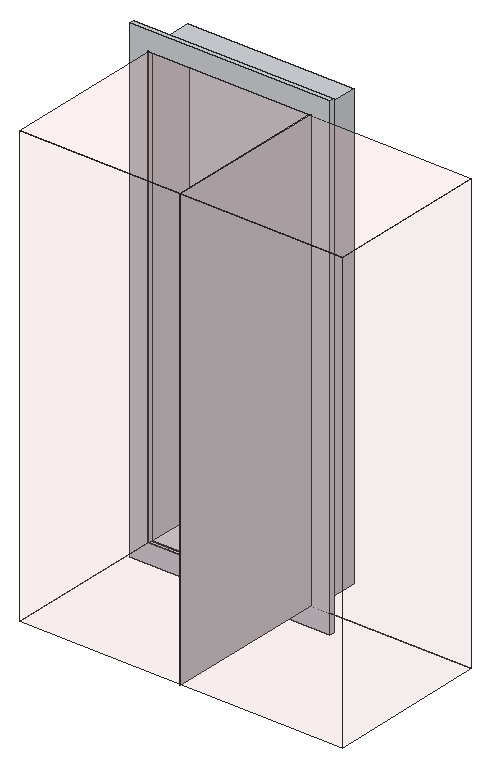
Revit family "Hager-VOLTA-Hollow_wall-IP30-With_Cover-With_DIN-NoHosted-PL-en", category Electrical Equipment, Revit 2023
Family settings
  Panel Configuration = Two Columns, Circuits Across
  Round Connector Dimension = Use Diameter
  Part Type = Panelboard
  Work Plane-Based = Yes
  Always vertical = Yes
  Cut with Voids When Loaded = No
  Maintain Annotation Orientation = No
  Shared = No
  Room Calculation Point = No
Parameters (values of type "VOLTA-Hollow_wall_W348_H880_D98_0_Modular_Spacing-VH60NWP")
  Width Control [instance] = if([HG000006-Flush mounted], if([EF000846 - Built-in width] > min_whd, [EF000846 - Built-in width], min_whd), if([EF000008 - Width] > min_whd, ([EF000008 - Width]), min_whd))  # 314.5 mm
  Void Depth [instance] = if([EF000218 - Built-in depth] > 1 mm, [EF000218 - Built-in depth], 1 mm)  # 89 mm
  Uniformat code = "D501001"
  Uniformat = "Low Tension Service & Dist."
  Référence = ""
  HG000131 - Functional label [instance] = ""
  HG000130 - Functional name [instance] = ""
  HG000099-Onfly Template ID = "507532"
  HG000059-Operating voltage [instance] = 230 V
  ETIM class name = "Small distribution board"
  ETIM class code = "EC000214"
  EF015941 - Signal passing door = no
  EF015777 - Neutral terminal block = no
  EF015776 - Earthing terminal block = no
  EF009212 - Cover model = ""
  EF006306 - With lock = no
  EF006244 - Transparent cover/door = no
  EF005474 - Degree of protection (IP) = "IP30"
  EF004462 - Type of closure = ""
  EF002950 - Width in number of modular spacings = 0
  EF001596 - Housing material = ""
  EF001134 - DIN-rail = yes
  EF001131 - Inner depth = 0 mm
  EF001088 - Extension possible = no
  EF001062 - EMC-version = no
  EF000846 - Built-in width = 314.5 mm
  EF000339 - Type of covering = ""
  EF000332 - Built-in height = 845 mm
  EF000266 - Number of rows = 0
  EF000218 - Built-in depth = 89 mm
  EF000118 - With mounting plate = no
  EF000116 - RAL-number = 9010
  EF000049 - Depth = 98 mm
  EF000040 - Height = 880 mm
  EF000008 - Width = 348 mm
  EF000007 - Colour = ""
  EF000003 - Mounting method = "Hollow wall"
  EF004464 - Type of door = ""
  EF000024 - UV resistant = no
  Type Comments = ""
  System Height [instance] = Height Control - 2 * [HG000005-Thickness]  # 841 mm
  Reference description = ""
  Reference = "VOLTA-Hollow_wall_W348_H880_D98_0_Modular_Spacing-VH60NWP"
  Panel Name [instance] = ""  # (empty or 0)
  Offset [instance] = 0 mm
  Object type = ""
  Name hager = "ADD_Enclosures_EC000214"
  Name BIM&CO = "Electricity"
  Name = "VOLTA-Hollow_wall-IP30-With_Cover-With_DIN-PL"
  Model = ""
  Level Offset [instance] = [Flush Mounted - Door Frame Width] + Offset  # 35 mm
  HGEF002950-Width in number of modular spacings = 0
  HGEF000266-Number of rows = 0
  HG000060-RAL-number = "9010"
  HG000017-Distance between poles = 18 mm
  HG000016-Door 3D visibility = yes
  HG000015-Clearance visibility = yes
  HG000014-Door on the right = yes
  HG000013-Door on the left = not([HG000014-Door on the right])  # no
  HG000012-Door swing angle = 90.00°
  HG000011-Empty rows from bottom = no
  HG000010-Asymmetric doors = no
  HG000009-Double swing door = no
  HG000008-Number of empty rows = 0
  HG000007-Number of empty columns = 0
  HG000006-Flush mounted = yes
  HG000005-Thickness = 2 mm
  HG000004-Manufacturer reference = "VH60NWP"
  HG000003-Range = "VOLTA"
  HG000002-With door or cover = yes
  HG000001-Number of columns = 0
  GTIN (Global Trade Item Number) = ""
  Description = ""
  Default Elevation = 1200 mm
  Creation Date = "12/15/2025 21:47:12"
  Code hager = "ADD-EC000214_EU"
  Code Uniformat = ""
  BIM&CO code = ""
  BC_VARIANT_ID = "1174424"
  BC_OBJECT_VERSION = "#5"  # constant formula
  BC_OBJECT_ID = "513499"  # constant formula
  BC_MODEL_ID = "1547220"  # constant formula
  BC_METADATA = "{\"ObjectGuid\":\"bc35c96e-cb38-443e-833d-0616858cb9ac\",\"ModelGuid\":\"8af03f69-2293-4735-a617-cc53adf55621\",\"VariantGuid\":\"8b6e323b-1b53-409a-a940-11b5a7fc5337\",\"Revision\":\"#4\",\"VariantName\":\"Template-Enclosure_EU-EC000214\"}"
  Arrow Offset [instance] = Depth Control / 8  # 11.125 mm
  Arrow Height [instance] = Depth Control - Arrow Offset  # 77.875 mm
  Host Offset [instance] = if([HG000006-Flush mounted], 0 mm, [EF000049 - Depth])  # 0 mm
  min_whd [instance] = (2 * [HG000005-Thickness]) + 1 mm  # 5 mm
  Manufacturer = "Hager"  # constant formula
  Height Control [instance] = if([HG000006-Flush mounted], if([EF000332 - Built-in height] > min_whd, [EF000332 - Built-in height], min_whd), if([EF000040 - Height] > min_whd, ([EF000040 - Height]), min_whd))  # 845 mm
  Flush Mounted - Door Frame Width [instance] = if(([EF000040 - Height] - [EF000332 - Built-in height]) > 0 mm, if([HG000006-Flush mounted], [EF000040 - Height] - [EF000332 - Built-in height], 0 mm), 0 mm)  # 35 mm
  Depth Control [instance] = if([HG000006-Flush mounted], if([EF000218 - Built-in depth] > 0 mm, [EF000218 - Built-in depth], 1 mm), if([EF000049 - Depth] > 0 mm, ([EF000049 - Depth]), 1 mm))  # 89 mm
Types (14, lengths in mm): name | Width Control | Void Depth | EF015777 - Neutral terminal block | EF015776 - Earthing terminal block | EF009212 - Cover model | EF004462 - Type of closure | EF002950 - Width in number of modular spacings | EF001088 - Extension possible | EF000846 - Built-in width | EF000332 - Built-in height | EF000266 - Number of rows | EF000218 - Built-in depth | EF000118 - With mounting plate | EF000049 - Depth | EF000040 - Height | EF000007 - Colour | System Height | Reference | Level Offset | HGEF002950-Width in number of modular spacings | HGEF000266-Number of rows | HG000004-Manufacturer reference | HG000001-Number of columns | BC_VARIANT_ID | Arrow Offset | Arrow Height | Height Control | Flush Mounted - Door Frame Width | Depth Control
  VOLTA-Hollow_wall_W348_H356_D98_12_Modular_Spacing-VH12AT | 314.5 | 89 | yes | yes | "With notch" | "Other" | 12 | yes | 314.5 | 321 | 1 | 89 | no | 98 | 356 | "White" | 317 | "VOLTA-Hollow_wall_W348_H356_D98_12_Modular_Spacing-VH12AT" | 35 | 12 | 1 | "VH12AT" | 1 | "1174410" | 11.125 | 77.875 | 321 | 35 | 89
  VOLTA-Hollow_wall_W348_H356_D98_12_Modular_Spacing-VH12NE | 314.5 | 89 | no | yes | "With notch" | "Other" | 12 | yes | 314.5 | 321 | 1 | 89 | no | 98 | 356 | "White" | 317 | "VOLTA-Hollow_wall_W348_H356_D98_12_Modular_Spacing-VH12NE" | 35 | 12 | 1 | "VH12NE" | 1 | "1174412" | 11.125 | 77.875 | 321 | 35 | 89
  VOLTA-Hollow_wall_W348_H505_D98_12_Modular_Spacing-VH24AT | 314.5 | 89 | yes | yes | "With notch" | "Other" | 12 | yes | 314.5 | 470 | 2 | 89 | no | 98 | 505 | "White" | 466 | "VOLTA-Hollow_wall_W348_H505_D98_12_Modular_Spacing-VH24AT" | 35 | 12 | 2 | "VH24AT" | 1 | "1174413" | 11.125 | 77.875 | 470 | 35 | 89
  VOLTA-Hollow_wall_W348_H505_D98_12_Modular_Spacing-VH24NE | 314.5 | 89 | no | yes | "With notch" | "Other" | 12 | yes | 314.5 | 470 | 2 | 89 | no | 98 | 505 | "White" | 466 | "VOLTA-Hollow_wall_W348_H505_D98_12_Modular_Spacing-VH24NE" | 35 | 12 | 2 | "VH24NE" | 1 | "1174414" | 11.125 | 77.875 | 470 | 35 | 89
  VOLTA-Hollow_wall_W348_H505_D98_12_Modular_Spacing-VH24NWB | 314.5 | 89 | no | no | "With notch" | "Other" | 12 | yes | 314.5 | 470 | 0 | 89 | yes | 98 | 505 | "White" | 466 | "VOLTA-Hollow_wall_W348_H505_D98_12_Modular_Spacing-VH24NWB" | 35 | 12 | 0 | "VH24NWB" | 0 | "1174415" | 11.125 | 77.875 | 470 | 35 | 89
  VOLTA-Hollow_wall_W348_H630_D98_12_Modular_Spacing-VH36AT | 314.5 | 89 | yes | yes | "With notch" | "Other" | 12 | yes | 314.5 | 595 | 3 | 89 | no | 98 | 630 | "White" | 591 | "VOLTA-Hollow_wall_W348_H630_D98_12_Modular_Spacing-VH36AT" | 35 | 12 | 3 | "VH36AT" | 1 | "1174416" | 11.125 | 77.875 | 595 | 35 | 89
  VOLTA-Hollow_wall_W348_H630_D98_12_Modular_Spacing-VH36NE | 314.5 | 89 | no | yes | "With notch" | "Other" | 12 | yes | 314.5 | 595 | 3 | 89 | no | 98 | 630 | "White" | 591 | "VOLTA-Hollow_wall_W348_H630_D98_12_Modular_Spacing-VH36NE" | 35 | 12 | 3 | "VH36NE" | 1 | "1174417" | 11.125 | 77.875 | 595 | 35 | 89
  VOLTA-Hollow_wall_W348_H630_D98_12_Modular_Spacing-VH36NWB | 314.5 | 89 | no | no | "With notch" | "Other" | 12 | yes | 314.5 | 595 | 0 | 89 | yes | 98 | 630 | "White" | 591 | "VOLTA-Hollow_wall_W348_H630_D98_12_Modular_Spacing-VH36NWB" | 35 | 12 | 0 | "VH36NWB" | 0 | "1174418" | 11.125 | 77.875 | 595 | 35 | 89
  VOLTA-Hollow_wall_W348_H755_D98_12_Modular_Spacing-VH48AT | 314.5 | 89 | yes | yes | "With notch" | "Other" | 12 | yes | 314.5 | 720 | 4 | 89 | no | 98 | 755 | "White" | 716 | "VOLTA-Hollow_wall_W348_H755_D98_12_Modular_Spacing-VH48AT" | 35 | 12 | 4 | "VH48AT" | 1 | "1174419" | 11.125 | 77.875 | 720 | 35 | 89
  VOLTA-Hollow_wall_W348_H755_D98_12_Modular_Spacing-VH48NE | 314.5 | 89 | no | yes | "With notch" | "Other" | 12 | yes | 314.5 | 720 | 4 | 89 | no | 98 | 755 | "White" | 716 | "VOLTA-Hollow_wall_W348_H755_D98_12_Modular_Spacing-VH48NE" | 35 | 12 | 4 | "VH48NE" | 1 | "1174420" | 11.125 | 77.875 | 720 | 35 | 89
  VOLTA-Hollow_wall_W348_H755_D98_12_Modular_Spacing-VH48NWB | 314.5 | 89 | no | no | "With notch" | "Other" | 12 | yes | 314.5 | 720 | 0 | 89 | yes | 98 | 755 | "White" | 716 | "VOLTA-Hollow_wall_W348_H755_D98_12_Modular_Spacing-VH48NWB" | 35 | 12 | 0 | "VH48NWB" | 0 | "1174421" | 11.125 | 77.875 | 720 | 35 | 89
  VOLTA-Hollow_wall_W348_H880_D98_12_Modular_Spacing-VH60NC | 314.5 | 89 | no | no | "" | "" | 12 | no | 314.5 | 846 | 5 | 89 | no | 98 | 880 | "" | 842 | "VOLTA-Hollow_wall_W348_H880_D98_12_Modular_Spacing-VH60NC" | 34 | 12 | 5 | "VH60NC" | 1 | "1174422" | 11.125 | 77.875 | 846 | 34 | 89
  VOLTA-Hollow_wall_W348_H880_D94_12_Modular_Spacing-VH60NE | 314 | 90 | no | yes | "With notch" | "Other" | 12 | yes | 314 | 846 | 5 | 90 | no | 94 | 880 | "White" | 842 | "VOLTA-Hollow_wall_W348_H880_D94_12_Modular_Spacing-VH60NE" | 34 | 12 | 5 | "VH60NE" | 1 | "1174423" | 11.25 | 78.75 | 846 | 34 | 90
  VOLTA-Hollow_wall_W348_H880_D98_0_Modular_Spacing-VH60NWP | 314.5 | 89 | no | no | "" | "" | 0 | no | 314.5 | 845 | 0 | 89 | no | 98 | 880 | "" | 841 | "VOLTA-Hollow_wall_W348_H880_D98_0_Modular_Spacing-VH60NWP" | 35 | 0 | 0 | "VH60NWP" | 0 | "1174424" | 11.125 | 77.875 | 845 | 35 | 89
Reference planes
  plane 1 "Center (Front/Back)": y = 0
  plane 2: z = 0
  plane 3 "Center (Left/Right)": x = 0
  plane 4: y = 37
  plane 5: y = 89
  plane 6: y = 35
  plane 7: z = 0
  plane 8: x = -157.25
  plane 9: x = 157.25
  plane 10: x = 155.25
  plane 11: x = -155.25
  plane 12: z = 35
  plane 13: z = 37
  plane 14: y = 5
  plane 15: y = 0
  plane 16: y = 87
  plane 17: z = 878
  plane 18: z = 880
  plane 19: z = 457.5
  plane 20: x = 0
  plane 21: y = -100
  plane 22 "Annotation H": y = -300
  plane 23 "Annotation V": x = 357.25
Forms (mm)
  Extrusion 1, solid
    sketch origin (-208.679, -4572, 35) x (-1, 0, 0) y (0, -1, 0)
      loop
        line (-51.429, -4572) -> (-365.929, -4572) -> (-365.929, -4661) -> (-51.429, -4661) -> (-51.429, -4572)
    from 0 to 845 <- "Height Control"
  Extrusion 2, void
    sketch origin (-350.771, 0, 1219.2) x (1, 0, 0) y (0, 0, 1)
      loop
        line (195.521, -341.2) -> (195.521, -1182.2) -> (506.021, -1182.2) -> (506.021, -341.2) -> (195.521, -341.2)
    from 0 to -87
  Extrusion 3, solid, detail levels coarse+medium
    sketch origin (-350.771, 0, 1219.2) x (-1, 0, 0) y (0, 0, 1)
      loop
        line (-195.521, -341.2) -> (-506.021, -341.2) -> (-506.021, -1182.2) -> (-195.521, -1182.2) -> (-195.521, -341.2)
    from 0 to 2 <- "HG000005-Thickness"
Cuts and joins
  Extrusion 2 cuts Extrusion 1
Dimensions and locks
  "Flush Mounted - Door Frame Width": plane 1 "Center (Front/Back)" to plane 6
  "HG000005-Thickness": plane 4 to plane 6
  "HG000005-Thickness": plane 8 to plane 11
  "HG000005-Thickness": plane 9 to plane 10
  equal spacing: plane 8, plane 3 "Center (Left/Right)", plane 9
  "Width Control": plane 8 to plane 9
  locked: plane 14 to plane 15 at 5
  "Host Offset": plane 1 "Center (Front/Back)" to plane 15
  "Depth Control": plane 5 to plane 15
  "HG000005-Thickness": plane 5 to plane 16
  "HG000005-Thickness": plane 13 to plane 12
  "Level Offset": plane 12 to level
  "HG000005-Thickness": plane 18 to plane 17
  "Height Control": plane 18 to plane 12
  "Arrow Offset": plane 5 to nested 4
  equal spacing: plane 18, plane 19, plane 12
  locked: connector elem to plane 19
  locked: connector elem to plane 3 "Center (Left/Right)"
  Extrusion 2 sketch curve to Extrusion 2 sketch curve to plane 9 = 310.5 mm, 2 mm
  locked: plane 9 to plane 23 "Annotation V" at 200
  locked: plane 22 "Annotation H" to plane 1 "Center (Front/Back)" at 300
  aligned and locked: nested 1 to plane 14
  aligned and locked: plane 3 "Center (Left/Right)" to nested 1
  aligned and locked: plane 3 "Center (Left/Right)" to nested 2
  aligned and locked: nested 2 to plane 15
  aligned and locked: plane 5 to Extrusion 1
  aligned and locked: Extrusion 3 sketch curve to plane 17
  aligned and locked: Extrusion 3 sketch curve to plane 11
  aligned and locked: plane 13 to Extrusion 3 sketch curve
  aligned and locked: Extrusion 3 sketch curve to plane 10
  aligned and locked: plane 13 to Extrusion 2 sketch curve
  aligned and locked: Extrusion 2 sketch curve to plane 17
  aligned and locked: plane 16 to Extrusion 2
  aligned and locked: plane 5 to Extrusion 1 sketch curve
  aligned and locked: plane 9 to Extrusion 1 sketch curve
  aligned and locked: plane 8 to Extrusion 1 sketch curve
  aligned and locked: plane 8 to nested 4
  aligned and locked: plane 8 to nested 3
  aligned and locked: nested 3 to plane 5
  aligned and locked: Extrusion 1 sketch curve to plane 15
  aligned and locked: Extrusion 2 to plane 15
  aligned and locked: nested 5 to plane 22 "Annotation H"
  aligned and locked: plane 23 "Annotation V" to nested 5
  aligned and locked: plane 11 to Extrusion 2
  aligned and locked: plane 10 to Extrusion 2
Nested families
  nested 1: "Hager_Enclosure_System" at (0, 5, 37), Flush_Mounted <- "HG000006-Flush mounted", Height <- "System Height", Width_Control <- "Width Control", Row_Module_Multiplicator <- "HGEF002950-Width in number of modular spacings", Empty_Columns <- "HG000007-Number of empty columns", Border <- "HG000005-Thickness", Total_No_Empty_Rows <- "HG000008-Number of empty rows", Depth <- "HG000005-Thickness", Empty_Rows_From_Bottom <- "HG000011-Empty rows from bottom", Distance_Between_Poles <- "HG000017-Distance between poles", Rows_Count <- "HGEF000266-Number of rows", Columns_Count <- "HG000001-Number of columns", Built-in_Width <- "EF000846 - Built-in width", Width <- "EF000008 - Width", type "Hager_Enclosure_System", detail levels medium+fine
    with Width_Control 314.5 mm, Width 348 mm, Total_No_Rows 0, Total_No_Empty_Rows 0, Total_No_Columns 1, System_Width 310.5 mm, Rows_Count 0, Rows_Column 0, Row_Module_Multiplicator 0, Panel_4 no, Panel_3 no, Panel_2 no, Panel_1 no, No_Panels_Ctrl 1, Hide_Columns yes, Height 841 mm, Flush_Mounted yes, Empty_Rows_From_Bottom no, Empty_Rows_Column 0, Empty_Columns 0, Empty column 4 0, Empty column 3 0, Empty column 2 0, Empty column 1 0, Distance_Between_Poles 18 mm, Depth 2 mm, Columns_Count 0, Column_Width 310.5 mm, Built-in_Width 314.5 mm, Border 2 mm
  nested 2: "Hager_Enclosure_Door" at (0, 0, 35), Double <- "HG000009-Double swing door", Height_Ctrl <- "Height Control", Angle <- "HG000012-Door swing angle", Door_Right <- "HG000014-Door on the right", Assymetrical <- "HG000010-Asymmetric doors", Flush_Mounted <- "HG000006-Flush mounted", Door <- "HG000002-With door or cover", Width_Ctrl <- "Width Control", 3d_Door <- "HG000016-Door 3D visibility", Border <- "HG000005-Thickness", Clearance <- "HG000015-Clearance visibility", Door_Left <- "HG000013-Door on the left", BuiltIn_Depth <- "EF000218 - Built-in depth", Depth <- "EF000049 - Depth", BuiltIn_Width <- "EF000846 - Built-in width", Height <- "EF000040 - Height", BuiltIn_Height <- "EF000332 - Built-in height", Width <- "EF000008 - Width", Transparent <- "EF006244 - Transparent cover/door", type "Hager_Enclosure_Door", detail levels medium+fine
    with min_wh 5 mm, Width_Ctrl 314.5 mm, Width 348 mm, Transparent_Door_No_Bottom_Border no, Transparent no, Leaf_Width 307.5 mm, Leaf_Tolerance 1.5 mm, Leaf_Height 838 mm, Leaf_2_Width 307.5 mm, Leaf_2_Offset 153.75 mm, Leaf_1_Width 307.5 mm, Leaf_1_Offset 153.75 mm, Height_Ctrl 845 mm, Height 880 mm, Frame_Width_Ctrl 33.5 mm, Frame_Width 33.5 mm, Frame_Internal_Offset 2 mm, Frame_Height_Ctrl 35 mm, Frame_Height 35 mm, Frame_Depth_Ctrl 9 mm, Frame_Depth 9 mm, Flush_Mounted yes, Double_Clearance_Ctrl no, Double no, Door_Right_Ctrl yes, Door_Right yes, Door_Left_Ctrl no, Door_Left no, Door yes, Depth 98 mm, Clearance_Depth 307.5 mm, Clearance_Ctrl yes, Clearance yes, BuiltIn_Width 314.5 mm, BuiltIn_Height 845 mm, BuiltIn_Depth 89 mm, Border 2 mm, Assymetrical no, Angle 90.00°, 3d_Door yes
  nested 3: "Hager_Enclosure_Symbol_Triangle" at (-157.25, 89, 0), Depth <- "Depth Control", Width <- "Width Control", type "Hager_Enclosure_Symbol_Triangle"
    with Width_Ctrl 314.5 mm, Width 314.5 mm, Depth_Ctrl 89 mm, Depth 89 mm
  nested 4: "Hager_Enclosure_Symbol_Arrow" at (-157.25, 77.875, 0), Height <- "Arrow Height", type "Hager_Enclosure_Symbol_Arrow"
    with Width_Inside 5.841 mm, Width 70.087 mm, Height_Ctrl 77.875 mm, Height 77.875 mm
  nested 5: "Hager_Annotation-HG000130" at (357.25, -300, 0), HG000130 - Functional name <- "HG000130 - Functional name", type "Hager_Annotation-HG000130"
    with HG000130 - Functional name ""
Connectors
  electrical at (0, 89, 457.5), driven by "HG000059-Operating voltage"
    settings: on plane 5, index 1, voltage 230 V, apparent load 0 VA, apparent load phase1 0 VA, apparent load phase2 0 VA, apparent load phase3 0 VA, power factor 1, load classification "Other", number of poles 1, system type 30, power factor state 1, is connector primary yes, connector utility no, sub classification motor no, connector description ""
Definition of nested family "Hager_Enclosure_Door"
  Parameters (values of type "Hager_Enclosure_Door")
    min_wh [instance] = (2 * Border) + 1 mm  # 11 mm
    Width_Ctrl [instance] = 400 mm
    Width [instance] = 500 mm
    Transparent_Door_No_Bottom_Border [instance] = no
    Transparent [instance] = yes
    Leaf_Width [instance] = if((Width_Ctrl - 2 * Border - 2 * Leaf_Tolerance) > 0 mm, (Width_Ctrl - 2 * Border - 2 * Leaf_Tolerance), min_wh)  # 387 mm
    Leaf_Tolerance [instance] = 1.5 mm  # constant formula
    Leaf_Height [instance] = if((Height_Ctrl - 2 * Border - 2 * Leaf_Tolerance) > 0 mm, (Height_Ctrl - 2 * Border - 2 * Leaf_Tolerance), min_wh)  # 387 mm
    Leaf_2_Width [instance] = if(and(and(Double, Assymetrical), Door_Left), (Leaf_Width / 3) - (Leaf_Tolerance / 2), if(and(and(Double, Assymetrical), Door_Right), (Leaf_Width / 3) * 2 - (Leaf_Tolerance / 2), if(and(Double, not(Assymetrical)), (Leaf_Width / 2) - Leaf_Tolerance, Leaf_Width)))  # 387 mm
    Leaf_2_Offset [instance] = if(and(Double, Assymetrical), Leaf_2_Width / 2, if(and(Double, not(Assymetrical)), Leaf_Width / 4, Leaf_Width / 2))  # 193.5 mm
    Leaf_1_Width [instance] = if(and(and(Double, Assymetrical), Door_Right), (Leaf_Width / 3) - (Leaf_Tolerance / 2), if(and(and(Double, Assymetrical), Door_Left), (Width / 3) * 2 - (Leaf_Tolerance / 2), if(and(Double, not(Assymetrical)), (Leaf_Width / 2) - Leaf_Tolerance, Leaf_Width)))  # 387 mm
    Leaf_1_Offset [instance] = if(and(Double, Assymetrical), Leaf_1_Width / 2, if(and(Double, not(Assymetrical)), Leaf_Width / 4, Leaf_Width / 2))  # 193.5 mm
    Height_Ctrl [instance] = 400 mm
    Height [instance] = 500 mm
    Frame_Width_Ctrl [instance] = if(Frame_Width > 0 mm, Frame_Width, 1 mm)  # 1 mm
    Frame_Width [instance] = Width - BuiltIn_Width  # 0 mm
    Frame_Internal_Offset [instance] = if(Flush_Mounted, Border, 0 mm)  # 5 mm
    Frame_Height_Ctrl [instance] = if(Frame_Height > 0 mm, Frame_Height, 1 mm)  # 1 mm
    Frame_Height [instance] = Height - BuiltIn_Height  # 0 mm
    Frame_Depth_Ctrl [instance] = if(Frame_Depth > 0 mm, Frame_Depth, 1 mm)  # 1 mm
    Frame_Depth [instance] = if(Depth - BuiltIn_Depth > 0 mm, if(Flush_Mounted, Depth - BuiltIn_Depth, 0 mm), 0 mm)  # 0 mm
    Flush_Mounted [instance] = yes
    Double_Clearance_Ctrl [instance] = and(Double, Clearance)  # no
    Double [instance] = no
    Door_Right_Ctrl [instance] = and(or(Door_Right, Double), Door)  # yes
    Door_Right [instance] = yes
    Door_Left_Ctrl [instance] = and(or(Door_Left, Double), Door)  # no
    Door_Left [instance] = no
    Door [instance] = yes
    Depth [instance] = 500 mm
    Default Elevation = 1219.2 mm
    Clearance_Material = none
    Clearance_Depth [instance] = if(Leaf_1_Width > Leaf_2_Width, Leaf_1_Width, Leaf_2_Width)  # 387 mm
    Clearance_Ctrl [instance] = and(not(Double), Clearance)  # yes
    Clearance [instance] = yes
    BuiltIn_Width [instance] = 500 mm
    BuiltIn_Height [instance] = 500 mm
    BuiltIn_Depth [instance] = 500 mm
    Border [instance] = 5 mm
    Assymetrical [instance] = yes
    Angle [instance] = 30.00°
    3d_Door [instance] = yes
  Reference planes
    plane 1 "Center (Front/Back)": y = 0
    plane 2 "Bottom": z = 0
    plane 3 "Center (Left/Right)": x = 0
    plane 4: z = 400
    plane 5: x = -200
    plane 6: x = 200
    plane 7: z = 395
    plane 8: x = -195
    plane 9: z = 5
    plane 10: x = 195
    plane 11: y = 0
    plane 12: z = 6.5
    plane 13: x = -582
    plane 14: y = -387
    plane 15: x = 582
    plane 16: x = 0
    plane 17: x = 0
    plane 18: x = -193.5
    plane 19: x = 193.5
    plane 20: z = 393.5
  Forms (mm)
    Extrusion 1, solid, visible <- "Flush_Mounted"
      sketch origin (0, 0, 0) x (1, 0, 0) y (0, 0, 1)
        loop
          line (195, 5) -> (195, 395) -> (-195, 395) -> (-195, 5) -> (195, 5)
        loop
          line (-201, 401) -> (-201, -1) -> (201, -1) -> (201, 401) -> (-201, 401)
      from 0 to 1 <- "Frame_Depth_Ctrl"
    Extrusion 2, solid, material <- "Clearance_Material", visible <- "Double_Clearance_Ctrl"
      sketch origin (1200, 0, 0) x (1, 0, 0) y (0, 0, -1)
        loop
          line (-1782, -393.5) -> (-618, -393.5) -> (-618, 0) -> (-1782, 0) -> (-1782, -393.5)
      from 0 to -387
  Dimensions and locks
    equal spacing: plane 5, plane 3 "Center (Left/Right)", plane 6
    "Width_Ctrl": plane 5 to plane 6
    "Border": plane 5 to plane 8
    "Border": plane 6 to plane 10
    "Border": plane 9 to level
    "Border": plane 4 to plane 7
    "Height_Ctrl": plane 4 to level
    "Leaf_Tolerance": plane 12 to plane 9
    "Frame_Depth": plane 11 to plane 1 "Center (Front/Back)"
    "Frame_Width_Ctrl": plane 5 to Extrusion 1 sketch curve
    "Frame_Width_Ctrl": plane 6 to Extrusion 1 sketch curve
    "Frame_Width_Ctrl": Extrusion 1 sketch curve to plane 4
    "Frame_Width_Ctrl": plane 2 "Bottom" to Extrusion 1 sketch curve
    "Leaf_1_Offset": plane 18 to plane 16
    "Leaf_2_Offset": plane 17 to plane 19
    "Leaf_1_Width": plane 13 to plane 8
    "Leaf_2_Width": plane 10 to plane 15
    "Clearance_Depth": plane 14 to plane 1 "Center (Front/Back)"
    "Leaf_Tolerance": plane 8 to plane 18
    "Leaf_Tolerance": plane 19 to plane 10
    "Leaf_Tolerance": plane 7 to plane 20
    "Frame_Internal_Offset": plane 5 to Extrusion 1 sketch curve
    "Frame_Internal_Offset": Extrusion 1 sketch curve to plane 2 "Bottom"
    "Frame_Internal_Offset": plane 6 to Extrusion 1 sketch curve
    "Frame_Internal_Offset": plane 4 to Extrusion 1 sketch curve
    aligned and locked: level to plane 2 "Bottom"
    aligned and locked: nested 1 to plane 16
    aligned and locked: nested 2 to plane 17
    aligned and locked: Extrusion 2 to plane 13
    aligned and locked: plane 15 to Extrusion 2
    aligned and locked: Extrusion 2 to plane 14
    aligned and locked: plane 12 to nested 1
    aligned and locked: nested 2 to plane 12
    aligned and locked: Extrusion 2 to plane 11
    aligned and locked: plane 20 to Extrusion 2
    aligned and locked: nested 2 to plane 11
    aligned and locked: nested 1 to plane 11
  Automatic sketch dimensions
    Extrusion 2 sketch curve to level = 0 mm
    plane 5 to Extrusion 2 sketch curve = 382 mm
    plane 6 to Extrusion 2 sketch curve = 382 mm
    Extrusion 2 sketch curve to plane 4 = 6.5 mm
  Nested families
    nested 1: "Hager_Enclosure_Door_Leaf" at (0, 0, 6.5), Width <- "Leaf_1_Width", visible <- "Door_Left_Ctrl", Leaf_Height <- "Leaf_Height", Angle <- "Angle", Depth <- "Border", 3d_Door <- "3d_Door", Transparent <- "Transparent", Clearance Material <- "Clearance_Material", Clearance <- "Clearance_Ctrl", Transparent_Door_No_Bottom_Border <- "Transparent_Door_No_Bottom_Border", type "Hager_Enclosure_Door_Leaf"
      with Width 387 mm, Transparent_Door_No_Bottom_Border no, Transparent_Door_Border_Bottom_Top 25 mm, Transparent_Door_Border 25 mm, Transparent_Ctrl yes, Transparent yes, Standard no, Leaf_Height 387 mm, Glass_Offset 1 mm, Depth 5 mm, Clearance Material none, Clearance yes, Angle_Ctrl 30.00°, Angle 30.00°, 3d_Door yes
    nested 2: "Hager_Enclosure_Door_Leaf" at (0, 0, 6.5) x (-1, 0, 0) z (0, 0, 1), Width <- "Leaf_2_Width", visible <- "Door_Right_Ctrl", Leaf_Height <- "Leaf_Height", Angle <- "Angle", Depth <- "Border", 3d_Door <- "3d_Door", Transparent <- "Transparent", Clearance Material <- "Clearance_Material", Clearance <- "Clearance_Ctrl", Transparent_Door_No_Bottom_Border <- "Transparent_Door_No_Bottom_Border", type "Hager_Enclosure_Door_Leaf"
      with Width 387 mm, Transparent_Door_No_Bottom_Border no, Transparent_Door_Border_Bottom_Top 25 mm, Transparent_Door_Border 25 mm, Transparent_Ctrl yes, Transparent yes, Standard no, Leaf_Height 387 mm, Glass_Offset 1 mm, Depth 5 mm, Clearance Material none, Clearance yes, Angle_Ctrl 30.00°, Angle 30.00°, 3d_Door yes
  Definition of nested family "Hager_Enclosure_Door_Leaf"
    Parameters (values of type "Hager_Enclosure_Door_Leaf")
      Width [instance] = 2000 mm
      Transparent_Door_No_Bottom_Border [instance] = yes
      Transparent_Door_Border_Bottom_Top [instance] = if(Transparent_Door_No_Bottom_Border, 0.1 mm, Transparent_Door_Border)  # 0.1 mm
      Transparent_Door_Border [instance] = if(Transparent_Door_No_Bottom_Border, (Width * 0.12), 25 mm)  # 240 mm
      Transparent_Ctrl [instance] = and(Transparent, [3d_Door])  # yes
      Transparent [instance] = yes
      Standard [instance] = and(not(Transparent), [3d_Door])  # no
      Leaf_Height [instance] = 2720.336 mm
      Glass_Offset [instance] = if((Depth - 10 mm) / 2 > 0 mm, (Depth - 10 mm) / 2, 1 mm)  # 15 mm
      Glass_Material = none
      Depth [instance] = 40 mm
      Default Elevation = 0 mm
      Clearance Material [instance] = none
      Clearance [instance] = yes
      Angle_Ctrl [instance] = if(Angle > 170.00°, 170.00°, Angle)  # 45.00°
      Angle [instance] = 45.00°
      3d_Door [instance] = yes
    Reference planes
      plane 1 "Center (Front/Back)": y = 0
      plane 2: z = 0
      plane 3 "Center (Left/Right)": x = 0
      plane 4: y = 2000
      plane 5: x = -1000
      plane 6: x = 1000
      plane 7: x = -3000
      plane 8: z = 2720.336
      plane 9: z = 0.1
      plane 10: z = 2720.236
      plane 11: x = 760
      plane 12: x = -760
    Forms (mm)
      Extrusion 1, solid, material <- "Clearance Material", visible <- "Clearance"
        sketch origin (0, 0, 0) x (1, 0, 0) y (0, 0, 1)
          loop
            line (-3000, 2720.336) -> (-3000, 0) -> (1000, 0) -> (1000, 2720.336) -> (-3000, 2720.336)
        from 0 to -2000
      Extrusion 2, solid, visible <- "Standard", detail levels medium+fine
        sketch origin (-1000, 0, 0) x (0.707107, 0.707107, 0) y (-0.707107, 0.707107, 0)
          loop
            line (0, -40) -> (2000, -40) -> (2000, 0) -> (0, 0) -> (0, -40)
        from 0 to 2720.336 <- "Leaf_Height"
      Extrusion 3, solid, visible <- "Transparent_Ctrl", detail levels medium+fine
        sketch origin (-1000, 0, 0) x (0.707107, 0.707107, 0) y (-0.707107, 0.707107, 0)
          loop
            line (0, -40) -> (2000, -40) -> (2000, 0) -> (0, 0) -> (0, -40)
        from 0 to 2720.336 <- "Leaf_Height"
      Extrusion 4, void, detail levels medium+fine
        sketch origin (-1000, 0, 0) x (-0.707107, 0.707107, 0) y (0.707107, 0.707107, 0)
          loop
            line (0, 240) -> (0, 1760) -> (-40, 1760) -> (-40, 240) -> (0, 240)
        from -2720.236 to -0.1
      Extrusion 5, solid, material <- "Glass_Material", visible <- "Transparent_Ctrl", detail levels medium+fine
        sketch origin (-1000, 0, 0) x (0.707107, 0.707107, 0) y (-0.707107, 0.707107, 0)
          loop
            line (240, -15) -> (240, -25) -> (1760, -25) -> (1760, -15) -> (240, -15)
        from 0.1 to 2720.236
    Cuts and joins
      Extrusion 4 cuts Extrusion 3
    Lines and regions (mm)
      symbolic lines
        curve 1: line (1000, 0, 0) -> (-3000, 0, 0)
        curve 2: arc (1000, 0, 0) -> (-1000, 2000, 0) -> (-3000, 0, 0) r 2000
        curve 4: line (-1000, 0, 0) -> (414.214, 1414.214, 0)
      reference lines
        curve 3: line (-1000, 0, 0) -> (414.214, 1414.214, 0)
      symbolic lines, detail levels medium+fine
        curve 5: line (414.214, 1414.214, 0) -> (442.498, 1385.929, 0)
        curve 6: line (442.498, 1385.929, 0) -> (-971.716, -28.284, 0)
        curve 7: line (-971.716, -28.284, 0) -> (-1000, 0, 0)
        curve 8: line (-1000, 0, 2720.336) -> (1000, 0, 2720.336)
        curve 9: line (-1000, 0, 0) -> (-1000, 0, 2720.336)
        curve 10: line (1000, 0, 0) -> (-1000, 0, 0)
        curve 11: line (1000, 0, 2720.336) -> (1000, 0, 0)
      symbolic lines, visible <- "Transparent_Ctrl", detail levels medium+fine
        curve 12: line (-760, 0, 2720.236) -> (760, 0, 2720.236)
        curve 13: line (-760, 0, 0.1) -> (-760, 0, 2720.236)
        curve 14: line (760, 0, 0.1) -> (-760, 0, 0.1)
        curve 15: line (760, 0, 2720.236) -> (760, 0, 0.1)
    Dimensions and locks
      "Width": plane 1 "Center (Front/Back)" to plane 4
      equal spacing: plane 5, plane 3 "Center (Left/Right)", plane 6
      "Width": plane 5 to plane 6
      "Width": plane 7 to plane 5
      "Leaf_Height": plane 8 to level
      "Depth": curve 6 to curve 3
      "Width": curve 5 to curve 3
      "Width": curve 3 to curve 3
      "Transparent_Door_Border": Extrusion 4 sketch curve to curve 7
      "Transparent_Door_Border": Extrusion 4 sketch curve to curve 5
      "Transparent_Door_Border_Bottom_Top": plane 8 to plane 10
      "Transparent_Door_Border_Bottom_Top": plane 9 to level
      "Glass_Offset": Extrusion 5 sketch curve to curve 4
      "Glass_Offset": Extrusion 5 sketch curve to curve 6
      "Transparent_Door_Border": Extrusion 5 sketch curve to curve 5
      "Transparent_Door_Border": Extrusion 5 sketch curve to curve 7
      "Transparent_Door_Border": plane 12 to plane 5
      "Transparent_Door_Border": plane 6 to plane 11
      "Angle_Ctrl": angle plane 1 "Center (Front/Back)" to curve 3
      aligned and locked: level to plane 2
      aligned and locked: Extrusion 1 to curve 1
      aligned and locked: plane 6 to Extrusion 1
      aligned and locked: Extrusion 1 to plane 1 "Center (Front/Back)"
      aligned and locked: plane 4 to Extrusion 1
      aligned and locked: plane 8 to Extrusion 1
      aligned and locked: curve 4 to curve 3
      aligned and locked: Extrusion 2 sketch curve to curve 7
      aligned and locked: Extrusion 2 sketch curve to curve 6
      aligned and locked: Extrusion 2 sketch curve to curve 5
      aligned and locked: Extrusion 2 sketch curve to curve 3
      aligned and locked: curve 7 to Extrusion 3 sketch curve
      aligned and locked: Extrusion 3 sketch curve to curve 4
      aligned and locked: Extrusion 3 sketch curve to curve 6
      aligned and locked: Extrusion 3 sketch curve to curve 5
      aligned and locked: curve 4 to Extrusion 4 sketch curve
      aligned and locked: curve 6 to Extrusion 4 sketch curve
      aligned and locked: Extrusion 4 to plane 9
      aligned and locked: Extrusion 4 to plane 10
      aligned and locked: Extrusion 5 to plane 9
      aligned and locked: Extrusion 5 to plane 10
      aligned and locked: curve 8 to plane 8
      aligned and locked: plane 5 to curve 9
      aligned and locked: plane 2 to curve 10
      aligned and locked: curve 11 to plane 6
      aligned and locked: plane 10 to curve 12
      aligned and locked: plane 12 to curve 13
      aligned and locked: curve 14 to plane 9
      aligned and locked: plane 11 to curve 15
    Automatic sketch dimensions
      plane 1 "Center (Front/Back)" to curve 2 = 0 mm
      curve 2 to plane 5 = 0 mm
      Extrusion 1 sketch curve to level = 0 mm
      Extrusion 1 sketch curve to plane 7 = 0 mm
      Extrusion 1 sketch curve to plane 6 = 0 mm
      Extrusion 1 sketch curve to plane 8 = 0 mm
      plane 1 "Center (Front/Back)" to curve 3 = 0 mm
      curve 3 to plane 5 = 0 mm
      curve 7 to curve 3 = 0 mm
Definition of nested family "Hager_Enclosure_Symbol_Triangle"
  Parameters (values of type "Hager_Enclosure_Symbol_Triangle")
    Width_Ctrl [instance] = if(Width > 1 mm, Width, 1 mm)  # 498 mm
    Width [instance] = 498 mm
    Depth_Ctrl [instance] = if(Depth > 1 mm, Depth, 1 mm)  # 72 mm
    Depth [instance] = 72 mm
  Reference planes
    plane 1 "Centre (avant/arrière)": y = 0
    plane 2: z = 0
    plane 3 "Centre (gauche/droite)": x = 0
  Lines and regions (mm)
    Filled region 1, type "Solid_Black", in view "Niveau de réf."
      outline origin (0, 0, 0) x (1, 0, 0) y (0, 1, 0)
        loop
          line (0, 0) -> (498, 0) -> (498, 72) -> (0, 0)
    reference lines, in view "Niveau de réf."
      curve 1: line (-206.153, 72, 0) -> (1083.258, 72, 0)
      curve 2: line (498, 405.456, 0) -> (498, -517.619, 0)
  Dimensions and locks
    "Depth_Ctrl": plane 1 "Centre (avant/arrière)" to curve 1
    "Width_Ctrl": plane 3 "Centre (gauche/droite)" to curve 2
    aligned and locked: curve 1 to Filled region 1 sketch curve
    aligned and locked: Filled region 1 sketch curve to plane 1 "Centre (avant/arrière)"
    aligned and locked: curve 2 to Filled region 1 sketch curve
    aligned and locked: plane 3 "Centre (gauche/droite)" to Filled region 1 sketch curve
    aligned and locked: plane 1 "Centre (avant/arrière)" to Filled region 1 sketch curve
  Automatic sketch dimensions
    curve 1 to plane 3 "Centre (gauche/droite)" = 206.153 mm
    curve 2 to curve 1 = 585.258 mm
    plane 1 "Centre (avant/arrière)" to curve 2 = 517.619 mm
    curve 2 to plane 1 "Centre (avant/arrière)" = 405.456 mm
Definition of nested family "Hager_Enclosure_Symbol_Arrow"
  Parameters (values of type "Hager_Enclosure_Symbol_Arrow")
    Width_Inside [instance] = if(Width / 12 > 2 mm, Width / 12, 2 mm)  # 4.987 mm
    Width [instance] = if(Height_Ctrl * 0.9 > 2 mm, Height_Ctrl * 0.9, 2 mm)  # 59.85 mm
    Height_Ctrl [instance] = if(Height > 2 mm, Height, 2 mm)  # 66.5 mm
    Height [instance] = 66.5 mm
  Reference planes
    plane 1 "Centre (avant/arrière)": y = 0
    plane 2: z = 0
    plane 3 "Centre (gauche/droite)": x = 0
    plane 4: x = 59.85
    plane 5: y = 28.263
    plane 6: y = 38.238
    plane 7: y = 66.5
    plane 8: x = 29.925
    plane 9: y = 33.25
  Lines and regions (mm)
    Filled region 1, type "Solid_Black", in view "Niveau de réf."
      outline origin (0, 0, 0) x (1, 0, 0) y (0, 1, 0)
        loop
          line (59.85, 66.5) -> (37.929, 52.827) -> (51.846, 41.935) -> (59.85, 66.5)
    detail lines, in view "Niveau de réf."
      curve 1: line (0, 0, 0) -> (29.925, 38.238, 0)
      curve 2: line (29.925, 38.238, 0) -> (29.925, 28.263, 0)
      curve 3: line (29.925, 28.263, 0) -> (59.85, 66.5, 0)
  Dimensions and locks
    "Width": plane 3 "Centre (gauche/droite)" to plane 4
    "Height_Ctrl": plane 7 to plane 1 "Centre (avant/arrière)"
    equal spacing: plane 3 "Centre (gauche/droite)", plane 8, plane 4
    equal spacing: plane 7, plane 9, plane 1 "Centre (avant/arrière)"
    equal spacing: plane 6, plane 9, plane 5
    "Width_Inside": plane 6 to plane 9
    equal spacing: curve 3, Filled region 1 sketch curve, Filled region 1 sketch curve
    angle Filled region 1 sketch curve to curve 3 = 20.00°
    angle curve 3 to Filled region 1 sketch curve = 20.00°
    locked: curve 3 to Filled region 1 sketch curve (angle 90.00°)
  Automatic sketch dimensions
    plane 1 "Centre (avant/arrière)" to curve 1 = 0 mm
    curve 1 to plane 3 "Centre (gauche/droite)" = 0 mm
    curve 2 to plane 6 = 0 mm
    curve 3 to plane 8 = 0 mm
    curve 3 to plane 4 = 0 mm
    curve 2 to plane 5 = 0 mm
    curve 3 to plane 7 = 0 mm
    Filled region 1 sketch curve to plane 4 = 0 mm
    Filled region 1 sketch curve to plane 7 = 0 mm
Definition of nested family "Hager_Annotation-HG000130"
  Parameters (values of type "Hager_Annotation-HG000130")
    HG000130 - Functional name [instance] = ""
  Reference planes
    plane 1: y = 0
    plane 2: x = 0
  Lines and regions (mm)
    detail lines
      curve 1: line (-27.5, 10, 0) -> (27.5, 10, 0)
      curve 2: line (-27.5, -10, 0) -> (-27.5, 10, 0)
      curve 3: line (27.5, -10, 0) -> (-27.5, -10, 0)
      curve 4: line (27.5, 10, 0) -> (27.5, -10, 0)
  Text (mm)
    label "HG000130 - Functional name" at (0.16, 0.026, 0), shows "HG000130 - Functional name"
